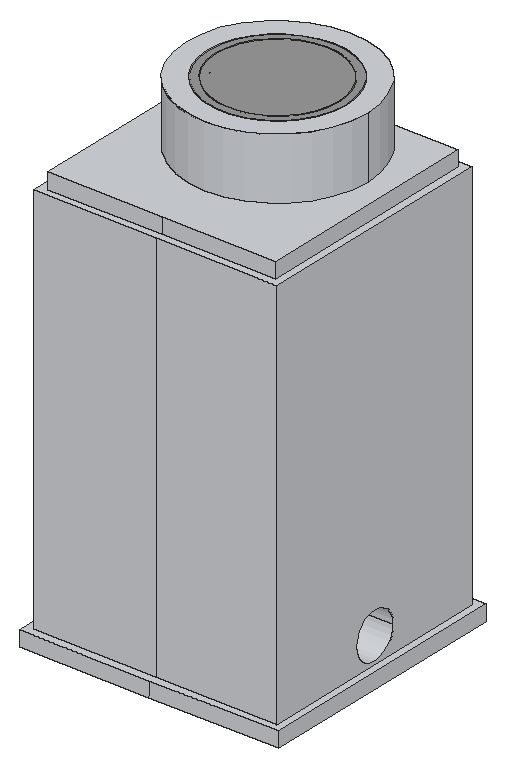
Revit family "（双通平角）雨水检查井", category 常规模型, Revit 2018
Family settings
  可将钢筋附着到主体 = 否
  圆形连接件大小 = 使用直径
  零件类型 = 标准
  基于工作平面 = 否
  总是垂直 = 是
  加载时剪切的空心 = 否
  共享 = 否
  房间计算点 = 否
Parameters
  集水井高度 [instance] = 3400 mm
  附属物 [instance] = ""
  连接码 [instance] = ""
  起点埋深 [instance] = ""
  起点地面标高 [instance] = ""
  起始点号 [instance] = ""
  行X列 [instance] = ""
  终点埋深 [instance] = ""
  终止点号 [instance] = ""
  终止地面标高 [instance] = ""
  线型 [instance] = ""
  类型 [instance] = ""
  管线长度 [instance] = ""
  管径或断面尺寸 [instance] = ""
  电缆根数 [instance] = ""
  电压 [instance] = ""
  特征 [instance] = ""
  物探点号（管点编号） [instance] = ""
  物探日期 [instance] = ""
  流向 [instance] = ""
  材质 [instance] = none
  权属单位 [instance] = ""
  旋转线长度 = 150 mm
  新旧管线 [instance] = yes
  探测日期 [instance] = ""
  总孔数 [instance] = ""
  已用空孔 [instance] = ""
  左水管高度 [instance] = 270 mm
  左水管半径 [instance] = 150 mm
  套管尺寸（孔径） [instance] = ""
  备注 [instance] = ""
  埋设类型 [instance] = ""
  埋设日期 [instance] = ""
  地面标高 [instance] = ""
  图幅号 [instance] = ""
  右管拉伸长度 [instance] = 1800 mm
  右管半径 [instance] = 150 mm
  右管偏移角度 [instance] = 160.00°
  右水管高度 [instance] = 270 mm
  井筒高度 [instance] = 400 mm
  井筒 = 混凝土，现场浇注 - C15
  井盖及支座 = 钢 ASTM A242
  井板 = 混凝土，现场浇注 - C15
  井室高度 [instance] = 集水井高度 - 750 mm  # 2650 mm
  井室 = 混凝土，现场浇注 - C15
  井基 = 混凝土，现场浇注 - C15
  Y坐标 [instance] = ""
  X坐标 [instance] = ""
  90度 = 90.00°
Reference planes
  plane 1 "中心(前/后)": y = 0
  plane 2: z = 0
  plane 3 "中心(左/右)": x = 0
  plane 4: z = 100
  plane 5: z = 2650
  plane 6: z = 3150
  plane 7: z = 2750
  plane 8: z = 270
  plane 9: z = 270
Forms (mm)
  Extrusion 1, solid
    sketch origin (0, 0, 0) x (1, 0, 0) y (0, 1, 0)
      loop
        line (-840, -840) -> (0, -840) -> (840, -840) -> (840, 840) -> (-840, 840) -> (-840, -840)
    from 0 to 100
  Extrusion 2, solid
    sketch origin (0, 0, 0) x (1, 0, 0) y (0, 1, 0)
      loop
        line (-790, -790) -> (0, -790) -> (790, -790) -> (790, 790) -> (-790, 790) -> (-790, -790)
      loop
        line (-550, -550) -> (0, -550) -> (550, -550) -> (550, 550) -> (-550, 550) -> (-550, -550)
    from 100 to 2650
  Extrusion 3, solid
    sketch origin (0, 0, 0) x (1, 0, 0) y (0, 1, 0)
      loop
        line (-740, -740) -> (0, -740) -> (740, -740) -> (740, 740) -> (-740, 740) -> (-740, -740)
      loop
        circle (0, 200) r 450
    from 2650 to 2750
  Extrusion 4, solid
    sketch origin (0, 200, 0) x (1, 0, 0) y (0, 1, 0)
      loop
        circle (0, 0) r 590
      loop
        circle (0, 0) r 450
    from 2750 to 3150
  Sweep 5, solid, material "钢 ASTM A242" <- "井盖及支座"
    path in 3D
      loop
        arc (450, 200, 2750) -> (0, -250, 2750) -> (-450, 200, 2750) r 450
        arc (-450, 200, 2750) -> (0, 650, 2750) -> (450, 200, 2750) r 450
    profile origin (0, 650, 2750) x (0, -1, 0) y (0, 0, -1)
      loop
        line (0, -350) -> (0, -400) -> (50, -400) -> (50, -385) -> (100, -385) -> (100, -370) -> (50, -370) -> (30, -350) -> (0, -350)
  Extrusion 6, solid, material "钢 ASTM A242" <- "井盖及支座"
    sketch origin (0, -120, 0) x (1, 0, 0) y (0, 1, 0)
      loop
        circle (0, 320) r 400
    from 3150 to 3100
  Revolve 7, void
    sketch origin (0, 1530.265, 270) x (0, 1, 0) y (-1, 0, 0)
      loop
        line (-1530.265, 920) -> (-1530.265, 0) -> (-1380.265, 0) -> (-1380.265, 920) -> (-1530.265, 920)
      axis (-1530.265, 0) -> (-1530.265, 920)
    angle from 0 to 360
  Revolve 8, void
    sketch origin (4267.2, -2744.198, 270) x (0, -1, 0) y (1, 0, 0)
      loop
        line (-2744.198, -3986.56) -> (-2744.198, -3267.213) -> (-2894.198, -3267.213) -> (-2894.198, -3986.56) -> (-2744.198, -3986.56)
      axis (-2744.198, -3986.56) -> (-2744.198, -3267.213)
    angle from 0 to 360
Cuts and joins
  Revolve 7, Revolve 8 cuts Extrusion 2
Lines and regions (mm)
  sketch lines
    curve 1: arc (-450, 200, 2750) -> (0, 650, 2750) -> (450, 200, 2750) r 450
    curve 2: arc (450, 200, 2750) -> (0, -250, 2750) -> (-450, 200, 2750) r 450
  reference lines
    curve 3: line (0, 0, 270) -> (-2900, 0, 270)
    curve 4: line (0, 0, 270) -> (2940, 0, 270)
Dimensions and locks
  "井室高度": plane 5 to plane 2
  plane 7 to plane 5 = 100 mm
  "左水管高度": plane 9 to level
  "左水管半径": Revolve 7 sketch curve to Revolve 7 sketch curve
  "右水管高度": plane 8 to plane 2
  "右管半径": Revolve 8 sketch curve to Revolve 8 sketch curve
  "井筒高度": plane 6 to plane 7
  plane 6 to Extrusion 6 = 50 mm
  aligned and locked: level to plane 2
  aligned and locked: Extrusion 2 to plane 4
  aligned and locked: Extrusion 3 to plane 5
  aligned and locked: plane 5 to Extrusion 2
  aligned and locked: plane 7 to Extrusion 3
  aligned and locked: plane 6 to Extrusion 4
  aligned and locked: Extrusion 4 to plane 7
  aligned and locked: Revolve 7 sketch curve to curve 3
  aligned and locked: curve 4 to Revolve 8 sketch curve
  aligned and locked: Extrusion 4 to Extrusion 6
  aligned and locked: Sweep 5 to Extrusion 6
Automatic sketch dimensions
  Extrusion 4 sketch curve to Extrusion 4 sketch curve = 0 mm  (x2)
  Extrusion 4 sketch curve to plane 3 "中心(左/右)" = 0 mm
  Extrusion 4 sketch curve to plane 1 "中心(前/后)" = 200 mm
  Sweep 5 sketch curve to profile plane = 0 mm
  Sweep 5 sketch curve to profile plane = 30 mm
  Sweep 5 sketch curve to profile plane = 50 mm
  Sweep 5 sketch curve to Sweep 5 sketch curve = 0 mm
  Sweep 5 sketch curve to Sweep 5 sketch curve = 50 mm
  Sweep 5 sketch curve to profile plane = 400 mm
  Sweep 5 sketch curve to Sweep 5 sketch curve = 15 mm  (x2)
  Sweep 5 sketch curve to Sweep 5 sketch curve = 20 mm
  Extrusion 6 sketch curve to Extrusion 6 sketch curve = 0 mm  (x2)
  Extrusion 6 sketch curve to plane 3 "中心(左/右)" = 0 mm
  Extrusion 6 sketch curve to plane 1 "中心(前/后)" = 200 mm
  Extrusion 6 sketch curve to plane 3 "中心(左/右)" = 400 mm
  curve 3 to plane 1 "中心(前/后)" = 0 mm
  curve 3 to plane 3 "中心(左/右)" = 0 mm
  curve 3 to plane 3 "中心(左/右)" = 2900 mm
  plane 1 "中心(前/后)" to curve 4 = 0 mm
  curve 4 to plane 3 "中心(左/右)" = 0 mm
  plane 3 "中心(左/右)" to curve 4 = 2940 mm
  Extrusion 1 sketch curve to plane 3 "中心(左/右)" = 0 mm
  Extrusion 1 sketch curve to plane 3 "中心(左/右)" = 840 mm
  Extrusion 1 sketch curve to Extrusion 1 sketch curve = 840 mm
  plane 1 "中心(前/后)" to Extrusion 1 sketch curve = 840 mm
  Extrusion 1 sketch curve to plane 1 "中心(前/后)" = 840 mm
  Extrusion 2 sketch curve to plane 3 "中心(左/右)" = 0 mm  (x2)
  Extrusion 2 sketch curve to plane 3 "中心(左/右)" = 550 mm
  Extrusion 2 sketch curve to Extrusion 2 sketch curve = 240 mm  (x4)
  plane 3 "中心(左/右)" to Extrusion 2 sketch curve = 550 mm
  plane 1 "中心(前/后)" to Extrusion 2 sketch curve = 790 mm
  Extrusion 2 sketch curve to plane 1 "中心(前/后)" = 550 mm
  Extrusion 3 sketch curve to plane 3 "中心(左/右)" = 0 mm  (x2)
  Extrusion 3 sketch curve to plane 3 "中心(左/右)" = 740 mm
  plane 3 "中心(左/右)" to Extrusion 3 sketch curve = 740 mm
  plane 1 "中心(前/后)" to Extrusion 3 sketch curve = 740 mm
  Extrusion 3 sketch curve to plane 1 "中心(前/后)" = 740 mm
  Extrusion 3 sketch curve to Extrusion 3 sketch curve = 0 mm  (x2)
  Extrusion 3 sketch curve to plane 1 "中心(前/后)" = 200 mm
  Extrusion 3 sketch curve to plane 3 "中心(左/右)" = 450 mm
  plane 1 "中心(前/后)" to Revolve 7 sketch curve = 0 mm
  Revolve 7 sketch curve to plane 3 "中心(左/右)" = 0 mm  (x2)
  Revolve 7 sketch curve to plane 3 "中心(左/右)" = 920 mm
  Revolve 7 sketch curve to Revolve 7 sketch curve = 1980 mm
  plane 1 "中心(前/后)" to Revolve 8 sketch curve = 0 mm
  Revolve 8 sketch curve to plane 3 "中心(左/右)" = 0 mm
  plane 3 "中心(左/右)" to Revolve 8 sketch curve = 280.64 mm
  Revolve 8 sketch curve to Revolve 8 sketch curve = 719.347 mm
  Revolve 8 sketch curve to Revolve 8 sketch curve = 1940.013 mm
  radius of Extrusion 4 sketch curve = 590 mm
  radius of Extrusion 4 sketch curve = 450 mm
